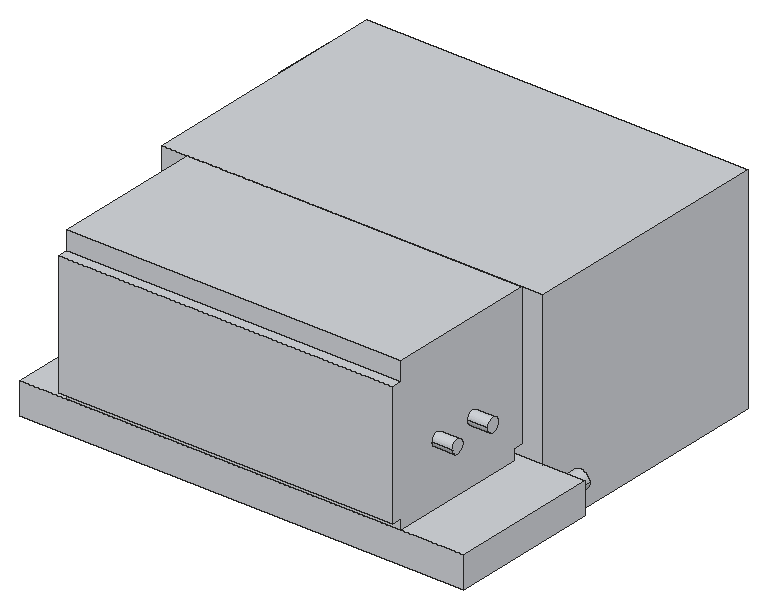
Revit family "532824032dcd4b4695b316d999de3e84", category Mechanical Equipment, Revit 2021
Family settings
  Round Connector Dimension = Use Diameter
  Part Type = Normal
  OmniClass Number = 23.75.70.17.27
  OmniClass Title = Fan Coil Units
  Seek Item ID = Fan Coil Unit with Plenum - Horizontal - DX - Rear Return-0000-USA-ENU
  Work Plane-Based = No
  Always vertical = Yes
  Cut with Voids When Loaded = No
  Shared = No
  Room Calculation Point = No
Parameters (values of type "200 CFM")
  Voltage = 120 V
  Unit Length = 1' - 9 1/4"
  Unit Height = 0' - 8 3/4"
  Total Cooling Capacity = 6000 Btu/h
  Supply Air Width = 16"
  Supply Air Height = 6 1/4"
  Sensible Cooling Capacity = 4600 Btu/h
  Return Air Width = 18 1/4"
  Refrigerant Flow [instance] = 1 GPM
  Number of Poles = 1
  Nominal Air Flow [instance] = 200 CFM
  Load Classification = Cooling
  External Static Pressure [instance] = 0.30 in-wg
  Drain Flow [instance] = 0 GPM
  Default Elevation = 0' - 0"
  CFU Material = none
  C2 Offset 1 = 0' - 4 1/4"
  C1 Offset 1 = 0' - 4 1/4"
  Assembly Code = ""
  Apparent Load = 50 VA
Types (7): name | Unit Length | Unit Height | Total Cooling Capacity | Supply Air Width | Supply Air Height | Sensible Cooling Capacity | Return Air Width | Refrigerant Flow | Nominal Air Flow | C2 Offset 1 | C1 Offset 1 | Apparent Load
  200 CFM | 1' - 9 1/4" | 0' - 8 3/4" | 6000 Btu/h | 16" | 6 1/4" | 4600 Btu/h | 18 1/4" | 1 GPM | 200 CFM | 0' - 4 1/4" | 0' - 4 1/4" | 50 VA
  300 CFM | 2' - 1 1/4" | 0' - 8 3/4" | 9000 Btu/h | 20" | 6 1/4" | 6900 Btu/h | 22 1/4" | 2 GPM | 300 CFM | 0' - 4 1/4" | 0' - 4 1/4" | 85 VA
  400 CFM | 2' - 7 1/4" | 0' - 8 3/4" | 13300 Btu/h | 26" | 6 1/4" | 10300 Btu/h | 28 1/4" | 3 GPM | 400 CFM | 0' - 4 1/4" | 0' - 4 1/4" | 165 VA
  600 CFM | 3' - 0 1/4" | 0' - 10" | 18000 Btu/h | 31" | 7 1/2" | 14600 Btu/h | 33 1/4" | 4 GPM | 600 CFM | 0' - 4 7/8" | 0' - 3 5/8" | 225 VA
  800 CFM | 3' - 7 1/4" | 0' - 10" | 22600 Btu/h | 38" | 7 1/2" | 16900 Btu/h | 40 1/4" | 5 GPM | 800 CFM | 0' - 4 7/8" | 0' - 3 5/8" | 235 VA
  1000 CFM | 4' - 9 1/4" | 0' - 10" | 27500 Btu/h | 52" | 7 1/2" | 21000 Btu/h | 54 1/4" | 6 GPM | 1000 CFM | 0' - 3 3/8" | 0' - 4 7/8" | 305 VA
  1200 CFM | 5' - 5 1/4" | 0' - 10" | 32800 Btu/h | 60" | 7 1/2" | 25000 Btu/h | 62 1/4" | 7 GPM | 1200 CFM | 0' - 3 3/8" | 0' - 4 7/8" | 435 VA
Reference planes (in)
  plane 1 "Center (Front/Back)": y = 0
  plane 2: z = 0
  plane 3 "Center (Left/Right)": x = 0
  plane 4: y = -0.5
  plane 5: y = 19.5
  plane 6: x = 21.25
  plane 7: x = 18.25
  plane 8: x = 2.25
  plane 9: y = 7.25
  plane 10: z = 8.75
  plane 11: z = 1.5
  plane 12: z = 7.875
  plane 13: y = 6.75
  plane 14: z = 2
  plane 15: x = 1
  plane 16: x = 19.25
  plane 17: y = 2.125
  plane 18: y = 4.25
  plane 19: z = 4.5
  plane 20: z = 4.5
  plane 21: x = 20.25
  plane 22: z = 0.75
  plane 23: y = 8.25
  plane 24: y = 18.5
  plane 25: y = 15.5
  plane 26: z = 6.875
Forms (in)
  Extrusion 1, solid, material <- "CFU Material"
    sketch origin (0, 0, 0) x (1, 0, 0) y (0, 1, 0)
      loop
        line (0, 7.25) -> (0, 0) -> (21.25, 0) -> (21.25, 7.25) -> (0, 7.25)
    from 0 to 1.5
  Extrusion 2, solid, material <- "CFU Material"
    sketch origin (0, 0, 0) x (0, 1, 0) y (0, 0, 1)
      loop
        line (7.25, 8.75) -> (0, 8.75) -> (0, 7.875) -> (-0.5, 7.875) -> (-0.5, 2) -> (0, 2) -> (0, 1.5) -> (6.75, 1.5) -> (6.75, 2) -> (7.25, 2) -> (7.25, 8.75)
    from 2.25 to 18.25
  Extrusion 3, solid, material <- "CFU Material"
    sketch origin (0, 0, 0) x (0, 1, 0) y (0, 0, 1)
      loop
        line (7.25, 8.75) -> (7.25, -1.5) -> (19.5, -1.5) -> (19.5, 8.75) -> (7.25, 8.75)
    from 1 to 19.25
  Extrusion 4, solid, material <- "CFU Material"
    sketch origin (0, 0, 0) x (1, 0, 0) y (0, 0, 1)
      loop
        circle (20.25, 0.75) r 0.4375
    from -8.25 to -7.25
  Extrusion 5, solid, material <- "CFU Material"
    sketch origin (0, 0, 0) x (0, 1, 0) y (0, 0, 1)
      loop
        circle (2.125, 4.5) r 0.3125
    from 18.25 to 19.25
  Extrusion 6, solid, material <- "CFU Material"
    sketch origin (0, 0, 0) x (0, 1, 0) y (0, 0, 1)
      loop
        circle (4.25, 4.5) r 0.3125
    from 18.25 to 19.25
  Extrusion 7, solid, material <- "CFU Material"
    sketch origin (0, 0, 0) x (1, 0, 0) y (0, 1, 0)
      loop
        line (0, 18.5) -> (0, 15.5) -> (1, 15.5) -> (1, 18.5) -> (0, 18.5)
    from 6.875 to 7.875
Dimensions and locks (in)
  locked: plane 4 to plane 1 "Center (Front/Back)" at 0.5
  locked: plane 4 to plane 5 at 20
  "Unit Length": plane 3 "Center (Left/Right)" to plane 6
  locked: plane 7 to plane 6 at 3
  "Supply Air Width": plane 8 to plane 7
  locked: plane 1 "Center (Front/Back)" to plane 9 at 7.25
  "Unit Height": plane 10 to plane 2
  locked: plane 11 to plane 2 at 1.5
  locked: plane 10 to plane 12 at 0.875
  locked: plane 13 to plane 9 at 0.5
  locked: plane 14 to plane 11 at 0.5
  locked: plane 10 to Extrusion 3 sketch curve at 10.25
  locked: plane 4 to plane 17 at 2.625
  locked: plane 4 to plane 18 at 4.75
  "C1 Offset 1": plane 10 to plane 19
  "C2 Offset 1": plane 10 to plane 20
  locked: plane 6 to plane 21 at 1
  equal spacing: plane 11, plane 22, level
  locked: plane 9 to plane 23 at 1
  locked: plane 7 to plane 16 at 1
  locked: plane 5 to plane 24 at 1
  locked: plane 24 to plane 25 at 3
  locked: plane 12 to plane 26 at 1
  "Return Air Width": plane 15 to plane 16
  radius of Extrusion 5 sketch curve = 0' - 0 5/16"
  radius of Extrusion 6 sketch curve = 0' - 0 5/16"
  aligned and locked: plane 3 "Center (Left/Right)" to Extrusion 1 sketch curve
  aligned and locked: plane 9 to Extrusion 1 sketch curve
  aligned and locked: plane 1 "Center (Front/Back)" to Extrusion 1 sketch curve
  aligned and locked: Extrusion 1 sketch curve to plane 6
  aligned and locked: Extrusion 1 to plane 2
  aligned and locked: plane 11 to Extrusion 1
  aligned and locked: plane 10 to Extrusion 2 sketch curve
  aligned and locked: plane 1 "Center (Front/Back)" to Extrusion 2 sketch curve  (x2)
  aligned and locked: plane 12 to Extrusion 2 sketch curve
  aligned and locked: plane 4 to Extrusion 2 sketch curve
  aligned and locked: Extrusion 2 sketch curve to plane 14  (x2)
  aligned and locked: Extrusion 2 sketch curve to plane 11
  aligned and locked: Extrusion 2 sketch curve to plane 13
  aligned and locked: Extrusion 2 sketch curve to plane 9
  aligned and locked: plane 7 to Extrusion 2
  aligned and locked: Extrusion 2 to plane 8
  aligned and locked: plane 16 to Extrusion 3
  aligned and locked: Extrusion 3 to plane 15
  aligned and locked: plane 22 to Extrusion 4 sketch curve
  aligned and locked: plane 21 to Extrusion 4 sketch curve
  aligned and locked: plane 9 to Extrusion 4
  aligned and locked: Extrusion 4 to plane 23
  aligned and locked: plane 17 to Extrusion 5 sketch curve
  aligned and locked: plane 19 to Extrusion 5 sketch curve
  aligned and locked: plane 20 to Extrusion 6 sketch curve
  aligned and locked: plane 18 to Extrusion 6 sketch curve
  aligned and locked: plane 16 to Extrusion 6
  aligned and locked: plane 16 to Extrusion 5
  aligned and locked: Extrusion 6 to plane 7
  aligned and locked: Extrusion 5 to plane 7
  aligned and locked: plane 3 "Center (Left/Right)" to Extrusion 7 sketch curve
  aligned and locked: Extrusion 7 sketch curve to plane 24
  aligned and locked: plane 25 to Extrusion 7 sketch curve
  aligned and locked: Extrusion 7 sketch curve to plane 15
  aligned and locked: plane 12 to Extrusion 7
  aligned and locked: Extrusion 7 to plane 26
Automatic sketch dimensions
  Extrusion 3 sketch curve to plane 9 = 0' - 0"
  Extrusion 3 sketch curve to plane 5 = 0' - 0"
  Extrusion 3 sketch curve to plane 10 = 0' - 0"
  radius of Extrusion 4 sketch curve = 0' - 0 7/16"
Connectors (in)
  hvac at (10.25, -0.5, 4.9375), driven by "Nominal Air Flow", driven by "Supply Air Height", driven by "Supply Air Width"
    settings: on Extrusion 2, index 1, duct flow 200 CFM, flow factor 0, pres drop 0.00 in-wg, loss coef 0, conn angle 0.00°, conn width 16", conn height 6 1/4", conn diameter 24", duct sys type 1, conn prof type 1, flow config 0, flow direction 2, loss method 0, conn ref index 2, conn util no, is conn primary yes, conn desc ""
  hvac at (10.125, 19.5, 3.625), driven by "Nominal Air Flow", driven by "Return Air Width"
    settings: on Extrusion 3, index 2, duct flow 200 CFM, flow factor 0, pres drop 0.00 in-wg, loss coef 0, conn angle 0.00°, conn width 18 1/4", conn height 10 1/4", conn diameter 24", duct sys type 2, conn prof type 1, flow config 0, flow direction 1, loss method 0, conn ref index 1, conn util no, is conn primary no, conn desc ""
  piping at (19.25, 2.125, 4.5), diameter 0.625, driven by "Refrigerant Flow"
    settings: on Extrusion 5, index 3, connector inside diameter 5/8", connector length 0' - 0", flow factor 0, pipe flow 1 GPM, pressure drop 0.00 psi, fitting loss kfactor 0, connector angle 0.00°, fixture units 0, engagement length 0' - 0", angle of deflection 0.00°, flow configuration 1, flow direction 1, fitting loss method 0, system type 22, joint type 0, gender type 0, connector reference index 4, connector utility 0, adjustable connector no, is connector primary yes, connector description "Refrigerant, In"
  piping at (19.25, 4.25, 4.5), diameter 0.625, driven by "Refrigerant Flow"
    settings: on Extrusion 6, index 4, connector inside diameter 5/8", connector length 0' - 0", flow factor 0, pipe flow 1 GPM, pressure drop 0.00 psi, fitting loss kfactor 0, connector angle 0.00°, fixture units 0, engagement length 0' - 0", angle of deflection 0.00°, flow configuration 1, flow direction 2, fitting loss method 0, system type 22, joint type 0, gender type 0, connector reference index 3, connector utility 0, adjustable connector no, is connector primary no, connector description "Refrigerant, Out"
  electrical at (0, 17, 7.375), driven by "Apparent Load", driven by "Voltage", driven by "Number of Poles", driven by "Load Classification"
    settings: on Extrusion 7, index 5, voltage 120 V, apparent load 50 VA, apparent load phase1 0 VA, apparent load phase2 0 VA, apparent load phase3 0 VA, power factor 0.8, load classification "Cooling", number of poles 1, system type 30, power factor state 1, is connector primary yes, connector utility no, sub classification motor no, connector description ""
  piping at (20.25, 8.25, 0.75), diameter 0.875, driven by "Drain Flow"
    settings: on Extrusion 4, index 6, connector inside diameter 7/8", connector length 0' - 0", flow factor 0, pipe flow 0 GPM, pressure drop 0.00 psi, fitting loss kfactor 0, connector angle 0.00°, fixture units 0, engagement length 0' - 0", angle of deflection 0.00°, flow configuration 1, flow direction 2, fitting loss method 0, system type 16, joint type 0, gender type 0, connector reference index -1, connector utility 0, adjustable connector yes, is connector primary no, connector description "Drain, Out"
